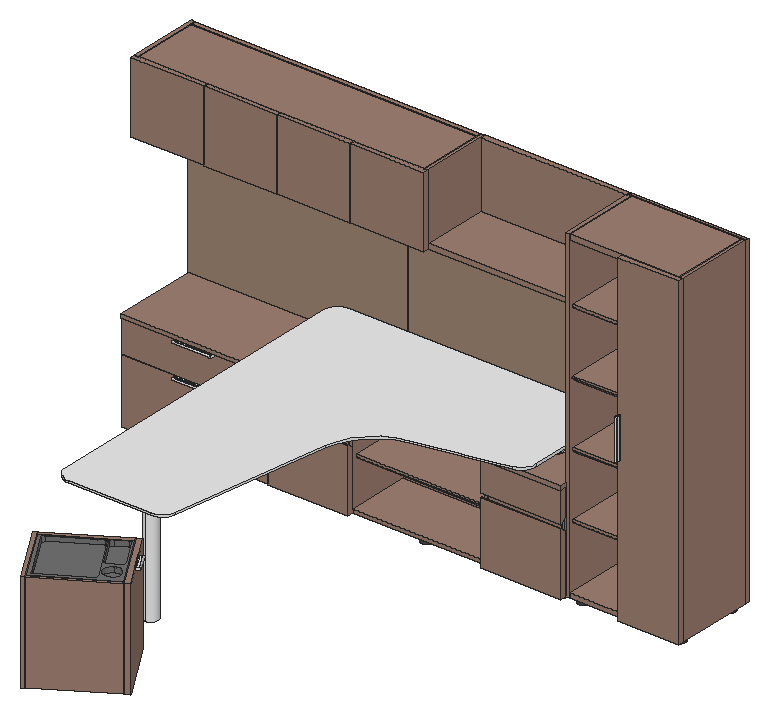
Revit family "OFS TYPICAL S100090", category Furniture, Revit 2022 (continued)
Definition of nested family "APTOS HEIGHT ADJUSTABLE SWEEP TOP DESK 74W 60D - CORIAN TOP - 18D CABINET"
  Definition of nested family "APTOS SWEEP ELEVATED RUNOFF WORKSURFACE LEFT - WOOD TOP"
    Automatic sketch dimensions
      Extrusion 1 sketch curve to Extrusion 1 sketch curve = 9.87259"
      Extrusion 1 sketch curve to Extrusion 1 sketch curve = 31.50832"
      Extrusion 1 sketch curve to Extrusion 1 sketch curve = 1.89707"
      Extrusion 1 sketch curve to Extrusion 1 sketch curve = 16.82328"
      Extrusion 1 sketch curve to Extrusion 1 sketch curve = 5.12049"
      Extrusion 1 sketch curve to Extrusion 1 sketch curve = 9.50919"
      Extrusion 1 sketch curve to Extrusion 1 sketch curve = 17.585"
      Extrusion 1 sketch curve to Extrusion 1 sketch curve = 2.41502"
      Extrusion 3 sketch curve to Extrusion 3 sketch curve = 2.94241"
      Extrusion 3 sketch curve to Extrusion 3 sketch curve = 0.47427"  (x2)
      Sweep 4 sketch curve to profile plane = 1 3/16"
      Sweep 4 sketch curve to profile plane = 0"
      Sweep 4 sketch curve to profile plane = 2"
      Sweep 4 sketch curve to profile plane = 7/16"
      Extrusion 3 sketch curve to Extrusion 3 sketch curve = 3"  (x3)
      Extrusion 3 sketch curve to Extrusion 3 sketch curve = 18.06402"
      Extrusion 3 sketch curve to Extrusion 3 sketch curve = 3.61235"
      Extrusion 3 sketch curve to Extrusion 3 sketch curve = 9.87259"
      Extrusion 3 sketch curve to Extrusion 3 sketch curve = 31.50832"
      Extrusion 3 sketch curve to Extrusion 3 sketch curve = 1.89707"
      Extrusion 3 sketch curve to Extrusion 3 sketch curve = 16.82328"
      Extrusion 3 sketch curve to Extrusion 3 sketch curve = 5.12049"
      Extrusion 3 sketch curve to Extrusion 3 sketch curve = 9.50919"
      Extrusion 3 sketch curve to Extrusion 3 sketch curve = 17.585"
      Extrusion 3 sketch curve to Extrusion 3 sketch curve = 2.41502"
      Extrusion 5 sketch curve to Extrusion 5 sketch curve = 2.94241"
      Extrusion 5 sketch curve to Extrusion 5 sketch curve = 2.97318"
      Sweep 6 sketch curve to profile plane = 1 3/16"
      Sweep 6 sketch curve to profile plane = 0"
      Sweep 6 sketch curve to profile plane = 2"
      Sweep 6 sketch curve to profile plane = 7/16"
      Extrusion 5 sketch curve to Extrusion 5 sketch curve = 3"  (x2)
      Extrusion 5 sketch curve to Extrusion 5 sketch curve = 18.06402"
      Extrusion 5 sketch curve to Extrusion 5 sketch curve = 3.61263"
      Extrusion 5 sketch curve to Extrusion 5 sketch curve = 10.16858"
      Extrusion 5 sketch curve to Extrusion 5 sketch curve = 37.21206"
      Extrusion 5 sketch curve to Extrusion 5 sketch curve = 0.40027"
      Extrusion 5 sketch curve to Extrusion 5 sketch curve = 2.59973"
      Extrusion 5 sketch curve to Extrusion 5 sketch curve = 1.60108"
      Extrusion 5 sketch curve to Extrusion 5 sketch curve = 16 211/256"
      Extrusion 5 sketch curve to Extrusion 5 sketch curve = 5.06363"
      Extrusion 5 sketch curve to Extrusion 5 sketch curve = 9.5528"
      Extrusion 5 sketch curve to Extrusion 5 sketch curve = 17.5864"
      Extrusion 5 sketch curve to Extrusion 5 sketch curve = 2.41502"
      Extrusion 7 sketch curve to Extrusion 7 sketch curve = 2.94241"
      Extrusion 7 sketch curve to Extrusion 7 sketch curve = 2.97318"
      Sweep 8 sketch curve to profile plane = 1 3/16"
      Sweep 8 sketch curve to profile plane = 0"
      Sweep 8 sketch curve to profile plane = 2"
      Sweep 8 sketch curve to profile plane = 7/16"
      Extrusion 7 sketch curve to Extrusion 7 sketch curve = 3"  (x2)
      Extrusion 7 sketch curve to Extrusion 7 sketch curve = 18.06402"
      Extrusion 7 sketch curve to Extrusion 7 sketch curve = 3.61263"
      Extrusion 7 sketch curve to Extrusion 7 sketch curve = 10.16858"
      Extrusion 7 sketch curve to Extrusion 7 sketch curve = 37.21206"
      Extrusion 7 sketch curve to Extrusion 7 sketch curve = 0.40027"
      Extrusion 7 sketch curve to Extrusion 7 sketch curve = 2.59973"
      Extrusion 7 sketch curve to Extrusion 7 sketch curve = 1.60108"
      Extrusion 7 sketch curve to Extrusion 7 sketch curve = 16 211/256"
      Extrusion 7 sketch curve to Extrusion 7 sketch curve = 5.06363"
      Extrusion 7 sketch curve to Extrusion 7 sketch curve = 9.5528"
      Extrusion 7 sketch curve to Extrusion 7 sketch curve = 17.5864"
      Extrusion 7 sketch curve to Extrusion 7 sketch curve = 2.41502"
  Definition of nested family "APTOS SWEEP ELEVATED RUNOFF WORKSURFACE RIGHT - WOOD TOP"
    Parameters
      Width = 78"
      URL = "http://ofsbrands.com"
      Table Material = none
      Depth = 58"
      Model = "34-7858SWTER"
      Manufacturer = "OFS"
      Height = 1 3/16"
      Description = "OFS BRANDS OFS APTOS SWEEP ELEVATED RUNOFF WORKSURFACE 78\" x 58\" RIGHT OPEN END - WOOD TOP, 1.1875\" thick Solid Surface Worksurface"
      Default Elevation = 0"
      Copyright © = "© OFS BRANDS 2017"
      Catalog = "APTOS http://ofsbrands.com/products/casegoods/private-office/aptos"
      Bottom Board Offset = 28 5/16"
      Authoring Version = "Autodesk Revit Architecture 2013"
      Assembly Code = "E2020200"
      34-7858SWTERC = yes
      34-7258SWTERC = no
    Reference planes (in)
      plane 1 "Back End": y = 5
      plane 2: z = 0
      plane 3 "Center Left/Right": x = 0
      plane 4 "Left End": x = -39
      plane 5 "Front End": y = -53
      plane 6 "Right End": x = 39
      plane 7 "Height Top": z = 29.5
      plane 8: z = 28.3125
      plane 9 "Center Front/Back": y = -24
    Forms (in)
      Extrusion 1, solid, material <- "Table Material", visible <- "34-7858SWTERC"
        sketch origin (0, 0, 0) x (1, 0, 0) y (0, 1, 0)
          loop
            arc (11.38094, -15.58628) -> (7.82761, -21.99234) -> (1.21236, -25.13908) r 12
            line (1.21236, -25.13908) -> (-36.39997, -30.20271)
            arc (-36.39997, -30.20271) -> (-38.25811, -31.20115) -> (-38.9997, -33.17589) r 3
            line (-38.9997, -33.17589) -> (-38.9997, -50.00011)
            arc (-38.9997, -50.00011) -> (-38.12102, -52.12143) -> (-35.9997, -53.00011) r 3
            line (-35.9997, -53.00011) -> (36, -53.00011)
            arc (36, -53.00011) -> (38.12132, -52.12143) -> (39, -50.00011) r 3
            line (39, -50.00011) -> (39, 2.00011)
            arc (39, 2.00011) -> (38.12132, 4.12143) -> (36, 5.00011) r 3
            line (36, 5.00011) -> (17.93598, 5.00011)
            arc (17.93598, 5.00011) -> (16.03268, 4.31905) -> (14.99356, 2.58509) r 3
            line (14.99356, 2.58509) -> (11.38094, -15.58628)
        from 28.3125 to 29.5
      Sweep 2, void
        path in 3D
          loop
            arc (17.93598, 5.00011, 29.5) -> (16.03268, 4.31905, 29.5) -> (14.99356, 2.58509, 29.5) r 3
            line (14.99356, 2.58509, 29.5) -> (11.38094, -15.58628, 29.5)
            arc (11.38094, -15.58628, 29.5) -> (7.82761, -21.99234, 29.5) -> (1.21236, -25.13908, 29.5) r 12
            line (1.21236, -25.13908, 29.5) -> (-36.39997, -30.20271, 29.5)
            arc (-36.39997, -30.20271, 29.5) -> (-38.25811, -31.20115, 29.5) -> (-38.9997, -33.17589, 29.5) r 3
            line (-38.9997, -33.17589, 29.5) -> (-38.9997, -50.00011, 29.5)
            arc (-38.9997, -50.00011, 29.5) -> (-38.12102, -52.12143, 29.5) -> (-35.9997, -53.00011, 29.5) r 3
            line (-35.9997, -53.00011, 29.5) -> (36, -53.00011, 29.5)
            arc (36, -53.00011, 29.5) -> (38.12132, -52.12143, 29.5) -> (39, -50.00011, 29.5) r 3
            line (39, -50.00011, 29.5) -> (39, 2.00011, 29.5)
            arc (39, 2.00011, 29.5) -> (38.12132, 4.12143, 29.5) -> (36, 5.00011, 29.5) r 3
            line (36, 5.00011, 29.5) -> (17.93598, 5.00011, 29.5)
        profile origin (26.96799, 5.00011, 29.5) x (0, -1, 0) y (0, 0, 1)
          loop
            line (0, -1.1875) -> (2, -1.1875) -> (0, -0.4375) -> (0, -1.1875)
      Extrusion 3, solid, material <- "Table Material", visible <- "34-7858SWTERC", not visible
        sketch origin (0, 0, 0) x (1, 0, 0) y (0, 1, 0)
          loop
            arc (11.38094, -15.58628) -> (7.82761, -21.99234) -> (1.21236, -25.13908) r 12
            line (1.21236, -25.13908) -> (-36.39997, -30.20271)
            arc (-36.39997, -30.20271) -> (-38.25811, -31.20115) -> (-38.9997, -33.17589) r 3
            line (-38.9997, -33.17589) -> (-38.9997, -50.00011)
            arc (-38.9997, -50.00011) -> (-38.12102, -52.12143) -> (-35.9997, -53.00011) r 3
            line (-35.9997, -53.00011) -> (36, -53.00011)
            arc (36, -53.00011) -> (38.12132, -52.12143) -> (39, -50.00011) r 3
            line (39, -50.00011) -> (39, 2.00011)
            arc (39, 2.00011) -> (38.12132, 4.12143) -> (36, 5.00011) r 3
            line (36, 5.00011) -> (17.93598, 5.00011)
            arc (17.93598, 5.00011) -> (16.03268, 4.31905) -> (14.99356, 2.58509) r 3
            line (14.99356, 2.58509) -> (11.38094, -15.58628)
        from 28.3125 to 29.5
      Sweep 4, void, not visible
        path in 3D
          loop
            arc (17.93598, 5.00011, 29.5) -> (16.03268, 4.31905, 29.5) -> (14.99356, 2.58509, 29.5) r 3
            line (14.99356, 2.58509, 29.5) -> (11.38094, -15.58628, 29.5)
            arc (11.38094, -15.58628, 29.5) -> (7.82761, -21.99234, 29.5) -> (1.21236, -25.13908, 29.5) r 12
            line (1.21236, -25.13908, 29.5) -> (-36.39997, -30.20271, 29.5)
            arc (-36.39997, -30.20271, 29.5) -> (-38.25811, -31.20115, 29.5) -> (-38.9997, -33.17589, 29.5) r 3
            line (-38.9997, -33.17589, 29.5) -> (-38.9997, -50.00011, 29.5)
            arc (-38.9997, -50.00011, 29.5) -> (-38.12102, -52.12143, 29.5) -> (-35.9997, -53.00011, 29.5) r 3
            line (-35.9997, -53.00011, 29.5) -> (36, -53.00011, 29.5)
            arc (36, -53.00011, 29.5) -> (38.12132, -52.12143, 29.5) -> (39, -50.00011, 29.5) r 3
            line (39, -50.00011, 29.5) -> (39, 2.00011, 29.5)
            arc (39, 2.00011, 29.5) -> (38.12132, 4.12143, 29.5) -> (36, 5.00011, 29.5) r 3
            line (36, 5.00011, 29.5) -> (17.93598, 5.00011, 29.5)
        profile origin (26.96799, 5.00011, 29.5) x (0, -1, 0) y (0, 0, 1)
          loop
            line (0, -1.1875) -> (2, -1.1875) -> (0, -0.4375) -> (0, -1.1875)
      Extrusion 5, solid, material <- "Table Material", visible <- "34-7258SWTERC"
        sketch origin (0, 0, 0) x (1, 0, 0) y (0, 1, 0)
          loop
            arc (8.38121, -15.58489) -> (4.93628, -21.88783) -> (-1.49138, -25.09407) r 12
            line (-1.49138, -25.09407) -> (-33.47397, -30.21456)
            arc (-33.47397, -30.21456) -> (-35.28255, -31.2304) -> (-35.9997, -33.17684) r 3
            line (-35.9997, -33.17684) -> (-35.9997, -50.00011)
            arc (-35.9997, -50.00011) -> (-35.12102, -52.12143) -> (-32.9997, -53.00011) r 3
            line (-32.9997, -53.00011) -> (33, -53.00011)
            arc (33, -53.00011) -> (35.12132, -52.12143) -> (36, -50.00011) r 3
            line (36, -50.00011) -> (36, 2.00011)
            arc (36, 2.00011) -> (35.12132, 4.12143) -> (33, 5.00011) r 3
            line (33, 5.00011) -> (14.93598, 5.00011)
            arc (14.93598, 5.00011) -> (13.03268, 4.31905) -> (11.99356, 2.58509) r 3
            line (11.99356, 2.58509) -> (8.38121, -15.58489)
        from 28.3125 to 29.5
      Sweep 6, void
        path in 3D
          loop
            arc (36, 2.00011, 29.5) -> (35.12132, 4.12143, 29.5) -> (33, 5.00011, 29.5) r 3
            line (33, 5.00011, 29.5) -> (14.93598, 5.00011, 29.5)
            arc (14.93598, 5.00011, 29.5) -> (13.03268, 4.31905, 29.5) -> (11.99356, 2.58509, 29.5) r 3
            line (11.99356, 2.58509, 29.5) -> (8.38121, -15.58489, 29.5)
            arc (8.38121, -15.58489, 29.5) -> (4.93628, -21.88783, 29.5) -> (-1.49138, -25.09407, 29.5) r 12
            line (-1.49138, -25.09407, 29.5) -> (-33.47397, -30.21456, 29.5)
            arc (-33.47397, -30.21456, 29.5) -> (-35.28255, -31.2304, 29.5) -> (-35.9997, -33.17684, 29.5) r 3
            line (-35.9997, -33.17684, 29.5) -> (-35.9997, -50.00011, 29.5)
            arc (-35.9997, -50.00011, 29.5) -> (-35.12102, -52.12143, 29.5) -> (-32.9997, -53.00011, 29.5) r 3
            line (-32.9997, -53.00011, 29.5) -> (33, -53.00011, 29.5)
            arc (33, -53.00011, 29.5) -> (35.12132, -52.12143, 29.5) -> (36, -50.00011, 29.5) r 3
            line (36, -50.00011, 29.5) -> (36, 2.00011, 29.5)
        profile origin (36, -24, 29.5) x (-1, 0, 0) y (0, 0, 1)
          loop
            line (0, -1.1875) -> (2, -1.1875) -> (0, -0.4375) -> (0, -1.1875)
      Extrusion 7, solid, material <- "Table Material", visible <- "34-7258SWTERC", not visible
        sketch origin (0, 0, 0) x (1, 0, 0) y (0, 1, 0)
          loop
            arc (8.38121, -15.58489) -> (4.93628, -21.88783) -> (-1.49138, -25.09407) r 12
            line (-1.49138, -25.09407) -> (-33.47397, -30.21456)
            arc (-33.47397, -30.21456) -> (-35.28255, -31.2304) -> (-35.9997, -33.17684) r 3
            line (-35.9997, -33.17684) -> (-35.9997, -50.00011)
            arc (-35.9997, -50.00011) -> (-35.12102, -52.12143) -> (-32.9997, -53.00011) r 3
            line (-32.9997, -53.00011) -> (33, -53.00011)
            arc (33, -53.00011) -> (35.12132, -52.12143) -> (36, -50.00011) r 3
            line (36, -50.00011) -> (36, 2.00011)
            arc (36, 2.00011) -> (35.12132, 4.12143) -> (33, 5.00011) r 3
            line (33, 5.00011) -> (14.93598, 5.00011)
            arc (14.93598, 5.00011) -> (13.03268, 4.31905) -> (11.99356, 2.58509) r 3
            line (11.99356, 2.58509) -> (8.38121, -15.58489)
        from 28.3125 to 29.5
      Sweep 8, void, not visible
        path in 3D
          loop
            arc (36, 2.00011, 29.5) -> (35.12132, 4.12143, 29.5) -> (33, 5.00011, 29.5) r 3
            line (33, 5.00011, 29.5) -> (14.93598, 5.00011, 29.5)
            arc (14.93598, 5.00011, 29.5) -> (13.03268, 4.31905, 29.5) -> (11.99356, 2.58509, 29.5) r 3
            line (11.99356, 2.58509, 29.5) -> (8.38121, -15.58489, 29.5)
            arc (8.38121, -15.58489, 29.5) -> (4.93628, -21.88783, 29.5) -> (-1.49138, -25.09407, 29.5) r 12
            line (-1.49138, -25.09407, 29.5) -> (-33.47397, -30.21456, 29.5)
            arc (-33.47397, -30.21456, 29.5) -> (-35.28255, -31.2304, 29.5) -> (-35.9997, -33.17684, 29.5) r 3
            line (-35.9997, -33.17684, 29.5) -> (-35.9997, -50.00011, 29.5)
            arc (-35.9997, -50.00011, 29.5) -> (-35.12102, -52.12143, 29.5) -> (-32.9997, -53.00011, 29.5) r 3
            line (-32.9997, -53.00011, 29.5) -> (33, -53.00011, 29.5)
            arc (33, -53.00011, 29.5) -> (35.12132, -52.12143, 29.5) -> (36, -50.00011, 29.5) r 3
            line (36, -50.00011, 29.5) -> (36, 2.00011, 29.5)
        profile origin (36, -24, 29.5) x (-1, 0, 0) y (0, 0, 1)
          loop
            line (0, -1.1875) -> (2, -1.1875) -> (0, -0.4375) -> (0, -1.1875)
    Cuts and joins
      Sweep 2 cuts Extrusion 1
      Sweep 6 cuts Extrusion 5
    Lines and regions (in)
      sketch lines
        curve 1: line (36, 5.00011, 29.5) -> (17.93598, 5.00011, 29.5)
        curve 2: arc (14.99356, 2.58509, 29.5) -> (16.03268, 4.31905, 29.5) -> (17.93598, 5.00011, 29.5) r 3
        curve 3: line (14.99356, 2.58509, 29.5) -> (11.38094, -15.58628, 29.5)
        curve 4: arc (1.21236, -25.13908, 29.5) -> (7.82761, -21.99234, 29.5) -> (11.38094, -15.58628, 29.5) r 12
        curve 5: line (1.21236, -25.13908, 29.5) -> (-36.39997, -30.20271, 29.5)
        curve 6: arc (-38.9997, -33.17589, 29.5) -> (-38.25811, -31.20115, 29.5) -> (-36.39997, -30.20271, 29.5) r 3
        curve 7: line (-38.9997, -33.17589, 29.5) -> (-38.9997, -50.00011, 29.5)
        curve 8: arc (-35.9997, -53.00011, 29.5) -> (-38.12102, -52.12143, 29.5) -> (-38.9997, -50.00011, 29.5) r 3
        curve 9: line (-35.9997, -53.00011, 29.5) -> (36, -53.00011, 29.5)
        curve 10: arc (39, -50.00011, 29.5) -> (38.12132, -52.12143, 29.5) -> (36, -53.00011, 29.5) r 3
        curve 11: line (39, -50.00011, 29.5) -> (39, 2.00011, 29.5)
        curve 12: arc (36, 5.00011, 29.5) -> (38.12132, 4.12143, 29.5) -> (39, 2.00011, 29.5) r 3
        curve 25: line (36, -50.00011, 29.5) -> (36, 2.00011, 29.5)
        curve 26: arc (33, 5.00011, 29.5) -> (35.12132, 4.12143, 29.5) -> (36, 2.00011, 29.5) r 3
        curve 27: line (33, 5.00011, 29.5) -> (14.93598, 5.00011, 29.5)
        curve 28: arc (11.99356, 2.58509, 29.5) -> (13.03268, 4.31905, 29.5) -> (14.93598, 5.00011, 29.5) r 3
        curve 29: line (11.99356, 2.58509, 29.5) -> (8.38121, -15.58489, 29.5)
        curve 30: arc (-1.49138, -25.09407, 29.5) -> (4.93628, -21.88783, 29.5) -> (8.38121, -15.58489, 29.5) r 12
        curve 31: line (-1.49138, -25.09407, 29.5) -> (-33.47397, -30.21456, 29.5)
        curve 32: arc (-35.9997, -33.17684, 29.5) -> (-35.28255, -31.2304, 29.5) -> (-33.47397, -30.21456, 29.5) r 3
        curve 33: line (-35.9997, -33.17684, 29.5) -> (-35.9997, -50.00011, 29.5)
        curve 34: arc (-32.9997, -53.00011, 29.5) -> (-35.12102, -52.12143, 29.5) -> (-35.9997, -50.00011, 29.5) r 3
        curve 35: line (-32.9997, -53.00011, 29.5) -> (33, -53.00011, 29.5)
        curve 36: arc (36, -50.00011, 29.5) -> (35.12132, -52.12143, 29.5) -> (33, -53.00011, 29.5) r 3
      sketch lines, not visible
        curve 13: line (36, 5.00011, 29.5) -> (17.93598, 5.00011, 29.5)
        curve 14: arc (14.99356, 2.58509, 29.5) -> (16.03268, 4.31905, 29.5) -> (17.93598, 5.00011, 29.5) r 3
        curve 15: line (14.99356, 2.58509, 29.5) -> (11.38094, -15.58628, 29.5)
        curve 16: arc (1.21236, -25.13908, 29.5) -> (7.82761, -21.99234, 29.5) -> (11.38094, -15.58628, 29.5) r 12
        curve 17: line (1.21236, -25.13908, 29.5) -> (-36.39997, -30.20271, 29.5)
        curve 18: arc (-38.9997, -33.17589, 29.5) -> (-38.25811, -31.20115, 29.5) -> (-36.39997, -30.20271, 29.5) r 3
        curve 19: line (-38.9997, -33.17589, 29.5) -> (-38.9997, -50.00011, 29.5)
        curve 20: arc (-35.9997, -53.00011, 29.5) -> (-38.12102, -52.12143, 29.5) -> (-38.9997, -50.00011, 29.5) r 3
        curve 21: line (-35.9997, -53.00011, 29.5) -> (36, -53.00011, 29.5)
        curve 22: arc (39, -50.00011, 29.5) -> (38.12132, -52.12143, 29.5) -> (36, -53.00011, 29.5) r 3
        curve 23: line (39, -50.00011, 29.5) -> (39, 2.00011, 29.5)
        curve 24: arc (36, 5.00011, 29.5) -> (38.12132, 4.12143, 29.5) -> (39, 2.00011, 29.5) r 3
        curve 37: line (36, -50.00011, 29.5) -> (36, 2.00011, 29.5)
        curve 38: arc (33, 5.00011, 29.5) -> (35.12132, 4.12143, 29.5) -> (36, 2.00011, 29.5) r 3
        curve 39: line (33, 5.00011, 29.5) -> (14.93598, 5.00011, 29.5)
        curve 40: arc (11.99356, 2.58509, 29.5) -> (13.03268, 4.31905, 29.5) -> (14.93598, 5.00011, 29.5) r 3
        curve 41: line (11.99356, 2.58509, 29.5) -> (8.38121, -15.58489, 29.5)
        curve 42: arc (-1.49138, -25.09407, 29.5) -> (4.93628, -21.88783, 29.5) -> (8.38121, -15.58489, 29.5) r 12
        curve 43: line (-1.49138, -25.09407, 29.5) -> (-33.47397, -30.21456, 29.5)
        curve 44: arc (-35.9997, -33.17684, 29.5) -> (-35.28255, -31.2304, 29.5) -> (-33.47397, -30.21456, 29.5) r 3
        curve 45: line (-35.9997, -33.17684, 29.5) -> (-35.9997, -50.00011, 29.5)
        curve 46: arc (-32.9997, -53.00011, 29.5) -> (-35.12102, -52.12143, 29.5) -> (-35.9997, -50.00011, 29.5) r 3
        curve 47: line (-32.9997, -53.00011, 29.5) -> (33, -53.00011, 29.5)
        curve 48: arc (36, -50.00011, 29.5) -> (35.12132, -52.12143, 29.5) -> (33, -53.00011, 29.5) r 3
    Dimensions and locks (in)
      "Height": plane 7 "Height Top" to plane 8
      "Bottom Board Offset": plane 8 to level
      "Depth": plane 5 "Front End" to plane 1 "Back End"
      equal spacing: plane 4 "Left End", plane 3 "Center Left/Right", plane 6 "Right End"
      "Width": plane 4 "Left End" to plane 6 "Right End"
      equal spacing: plane 5 "Front End", plane 9 "Center Front/Back", plane 1 "Back End"
      aligned and locked: level to plane 2
      aligned and locked: plane 7 "Height Top" to Extrusion 1
      aligned and locked: Extrusion 1 to plane 8
      aligned and locked: plane 7 "Height Top" to Extrusion 5
      aligned and locked: Extrusion 5 to plane 8
    Automatic sketch dimensions
      Extrusion 1 sketch curve to Extrusion 1 sketch curve = 2.94241"
      Extrusion 1 sketch curve to Extrusion 1 sketch curve = 3"  (x3)
      Sweep 2 sketch curve to profile plane = 1 3/16"
      Sweep 2 sketch curve to profile plane = 0"
      Sweep 2 sketch curve to profile plane = 2"
      Sweep 2 sketch curve to profile plane = 7/16"
      Extrusion 1 sketch curve to Extrusion 1 sketch curve = 0.40027"
      Extrusion 1 sketch curve to Extrusion 1 sketch curve = 37.61233"
      Extrusion 1 sketch curve to Extrusion 1 sketch curve = 10.16858"
      Extrusion 1 sketch curve to Extrusion 1 sketch curve = 3.61263"
      Extrusion 1 sketch curve to Extrusion 1 sketch curve = 34.78764"
      Extrusion 1 sketch curve to Extrusion 1 sketch curve = 18.06402"
      Extrusion 1 sketch curve to Extrusion 1 sketch curve = 1.60108"
      Extrusion 1 sketch curve to Extrusion 1 sketch curve = 16 211/256"
      Extrusion 1 sketch curve to Extrusion 1 sketch curve = 5.06363"
      Extrusion 1 sketch curve to Extrusion 1 sketch curve = 9.5528"
      Extrusion 1 sketch curve to Extrusion 1 sketch curve = 17.5864"
      Extrusion 1 sketch curve to Extrusion 1 sketch curve = 2.41502"
      Extrusion 3 sketch curve to Extrusion 3 sketch curve = 2.94241"
      Extrusion 3 sketch curve to Extrusion 3 sketch curve = 3"  (x3)
      Sweep 4 sketch curve to profile plane = 1 3/16"
      Sweep 4 sketch curve to profile plane = 0"
      Sweep 4 sketch curve to profile plane = 2"
      Sweep 4 sketch curve to profile plane = 7/16"
      Extrusion 3 sketch curve to Extrusion 3 sketch curve = 0.40027"
      Extrusion 3 sketch curve to Extrusion 3 sketch curve = 37.61233"
      Extrusion 3 sketch curve to Extrusion 3 sketch curve = 10.16858"
      Extrusion 3 sketch curve to Extrusion 3 sketch curve = 3.61263"
      Extrusion 3 sketch curve to Extrusion 3 sketch curve = 34.78764"
      Extrusion 3 sketch curve to Extrusion 3 sketch curve = 18.06402"
      Extrusion 3 sketch curve to Extrusion 3 sketch curve = 1.60108"
      Extrusion 3 sketch curve to Extrusion 3 sketch curve = 16 211/256"
      Extrusion 3 sketch curve to Extrusion 3 sketch curve = 5.06363"
      Extrusion 3 sketch curve to Extrusion 3 sketch curve = 9.5528"
      Extrusion 3 sketch curve to Extrusion 3 sketch curve = 17.5864"
      Extrusion 3 sketch curve to Extrusion 3 sketch curve = 2.41502"
      Extrusion 5 sketch curve to Extrusion 5 sketch curve = 2.94241"
      Extrusion 5 sketch curve to Extrusion 5 sketch curve = 0.47427"
      Sweep 6 sketch curve to profile plane = 1 3/16"
      Sweep 6 sketch curve to profile plane = 0"
      Sweep 6 sketch curve to profile plane = 2"
      Sweep 6 sketch curve to profile plane = 7/16"
      Extrusion 5 sketch curve to Extrusion 5 sketch curve = 2.52573"
      Extrusion 5 sketch curve to Extrusion 5 sketch curve = 3"  (x2)
      Extrusion 5 sketch curve to Extrusion 5 sketch curve = 31.98259"
      Extrusion 5 sketch curve to Extrusion 5 sketch curve = 9.87259"
      Extrusion 5 sketch curve to Extrusion 5 sketch curve = 3.61235"
      Extrusion 5 sketch curve to Extrusion 5 sketch curve = 34.49137"
      Extrusion 5 sketch curve to Extrusion 5 sketch curve = 18.06402"
      Extrusion 5 sketch curve to Extrusion 5 sketch curve = 1.89707"
      Extrusion 5 sketch curve to Extrusion 5 sketch curve = 16.82328"
      Extrusion 5 sketch curve to Extrusion 5 sketch curve = 5.12049"
      Extrusion 5 sketch curve to Extrusion 5 sketch curve = 9.50919"
      Extrusion 5 sketch curve to Extrusion 5 sketch curve = 17.585"
      Extrusion 5 sketch curve to Extrusion 5 sketch curve = 2.41502"
      Extrusion 7 sketch curve to Extrusion 7 sketch curve = 2.94241"
      Extrusion 7 sketch curve to Extrusion 7 sketch curve = 0.47427"
      Sweep 8 sketch curve to profile plane = 1 3/16"
      Sweep 8 sketch curve to profile plane = 0"
      Sweep 8 sketch curve to profile plane = 2"
      Sweep 8 sketch curve to profile plane = 7/16"
      Extrusion 7 sketch curve to Extrusion 7 sketch curve = 2.52573"
      Extrusion 7 sketch curve to Extrusion 7 sketch curve = 3"  (x2)
      Extrusion 7 sketch curve to Extrusion 7 sketch curve = 31.98259"
      Extrusion 7 sketch curve to Extrusion 7 sketch curve = 9.87259"
      Extrusion 7 sketch curve to Extrusion 7 sketch curve = 3.61235"
      Extrusion 7 sketch curve to Extrusion 7 sketch curve = 34.49137"
      Extrusion 7 sketch curve to Extrusion 7 sketch curve = 18.06402"
      Extrusion 7 sketch curve to Extrusion 7 sketch curve = 1.89707"
      Extrusion 7 sketch curve to Extrusion 7 sketch curve = 16.82328"
      Extrusion 7 sketch curve to Extrusion 7 sketch curve = 5.12049"
      Extrusion 7 sketch curve to Extrusion 7 sketch curve = 9.50919"
      Extrusion 7 sketch curve to Extrusion 7 sketch curve = 17.585"
      Extrusion 7 sketch curve to Extrusion 7 sketch curve = 2.41502"
Definition of nested family "APTOS 18D LOW HEIGHT MODULAR CABINET TOP"
  Parameters (values of type "APTOS 18D LOW HEIGHT MODULAR CABINET TOP 30" Width")
    Width = 30"
    URL = "http://ofsbrands.com"
    Table Material = none
    Depth = 18"
    Model = "34-L3018MCT"
    Manufacturer = "OFS"
    Height = 3/4"
    Description = "OFS BRANDS OFS APTOS 18D LOW HEIGHT MODULAR CABINET TOP 30\" Width, 0.75\" thick with Square Profile on User Side"
    Default Elevation = 0"
    Copyright © = "© OFS BRANDS 2017"
    Catalog = "APTOS http://ofsbrands.com/products/casegoods/private-office/aptos"
    Bottom Board Offset = 21 1/2"
    Authoring Version = "Autodesk Revit Architecture 2013"
    Assembly Code = "E2020200"
  Types (13): name | Width | Model | Description
    (no name) | 30" | "34-L3018MCT" | "OFS BRANDS OFS APTOS 18D LOW HEIGHT MODULAR CABINET TOP 30\" Width, 0.75\" thick with Square Profile on User Side"
    APTOS 18D LOW HEIGHT MODULAR CABINET TOP 30" Width | 30" | "34-L3018MCT" | "OFS BRANDS OFS APTOS 18D LOW HEIGHT MODULAR CABINET TOP 30\" Width, 0.75\" thick with Square Profile on User Side"
    APTOS 18D LOW HEIGHT MODULAR CABINET TOP 36" Width | 36" | "34-L3618MCT" | "OFS BRANDS OFS APTOS 18D LOW HEIGHT MODULAR CABINET TOP 36\" Width, 0.75\" thick with Square Profile on User Side"
    APTOS 18D LOW HEIGHT MODULAR CABINET TOP 42" Width | 42" | "34-L4218MCT" | "OFS BRANDS OFS APTOS 18D LOW HEIGHT MODULAR CABINET TOP 42\" Width, 0.75\" thick with Square Profile on User Side"
    APTOS 18D LOW HEIGHT MODULAR CABINET TOP 48" Width | 48" | "34-L4818MCT" | "OFS BRANDS OFS APTOS 18D LOW HEIGHT MODULAR CABINET TOP 48\" Width, 0.75\" thick with Square Profile on User Side"
    APTOS 18D LOW HEIGHT MODULAR CABINET TOP 54" Width | 54" | "34-L5418MCT" | "OFS BRANDS OFS APTOS 18D LOW HEIGHT MODULAR CABINET TOP 54\" Width, 0.75\" thick with Square Profile on User Side"
    APTOS 18D LOW HEIGHT MODULAR CABINET TOP 60" Width | 60" | "34-L6018MCT" | "OFS BRANDS OFS APTOS 18D LOW HEIGHT MODULAR CABINET TOP 60\" Width, 0.75\" thick with Square Profile on User Side"
    APTOS 18D LOW HEIGHT MODULAR CABINET TOP 66" Width | 66" | "34-L6618MCT" | "OFS BRANDS OFS APTOS 18D LOW HEIGHT MODULAR CABINET TOP 66\" Width, 0.75\" thick with Square Profile on User Side"
    APTOS 18D LOW HEIGHT MODULAR CABINET TOP 72" Width | 72" | "34-L7218MCT" | "OFS BRANDS OFS APTOS 18D LOW HEIGHT MODULAR CABINET TOP 72\" Width, 0.75\" thick with Square Profile on User Side"
    APTOS 18D LOW HEIGHT MODULAR CABINET TOP 78" Width | 78" | "34-L7818MCT" | "OFS BRANDS OFS APTOS 18D LOW HEIGHT MODULAR CABINET TOP 78\" Width, 0.75\" thick with Square Profile on User Side"
    APTOS 18D LOW HEIGHT MODULAR CABINET TOP 84" Width | 84" | "34-L8418MCT" | "OFS BRANDS OFS APTOS 18D LOW HEIGHT MODULAR CABINET TOP 84\" Width, 0.75\" thick with Square Profile on User Side"
    APTOS 18D LOW HEIGHT MODULAR CABINET TOP 90" Width | 90" | "34-L9018MCT" | "OFS BRANDS OFS APTOS 18D LOW HEIGHT MODULAR CABINET TOP 90\" Width, 0.75\" thick with Square Profile on User Side"
    APTOS 18D LOW HEIGHT MODULAR CABINET TOP 96" Width | 96" | "34-L9618MCT" | "OFS BRANDS OFS APTOS 18D LOW HEIGHT MODULAR CABINET TOP 96\" Width, 0.75\" thick with Square Profile on User Side"
  Reference planes (in)
    plane 1 "Back End": y = -15
    plane 2: z = 0
    plane 3 "Center Left/Right": x = 0
    plane 4 "Left End": x = -15
    plane 5 "Front End": y = -33
    plane 6 "Right End": x = 15
    plane 7 "Height Top": z = 22.25
    plane 8: z = 21.5
    plane 9 "Center Front/Back": y = -24
  Forms (in)
    Extrusion 1, solid, material <- "Table Material"
      sketch origin (0, 0, 0) x (1, 0, 0) y (0, 1, 0)
        loop
          line (-15, -15) -> (-15, -33) -> (15, -33) -> (15, -15) -> (-15, -15)
      from 21.5 to 22.25
  Dimensions and locks (in)
    "Height": plane 7 "Height Top" to plane 8
    "Bottom Board Offset": plane 8 to level
    "Depth": plane 5 "Front End" to plane 1 "Back End"
    equal spacing: plane 4 "Left End", plane 3 "Center Left/Right", plane 6 "Right End"
    "Width": plane 4 "Left End" to plane 6 "Right End"
    equal spacing: plane 5 "Front End", plane 9 "Center Front/Back", plane 1 "Back End"
    aligned and locked: level to plane 2
    aligned and locked: plane 1 "Back End" to Extrusion 1 sketch curve
    aligned and locked: Extrusion 1 sketch curve to plane 4 "Left End"
    aligned and locked: plane 5 "Front End" to Extrusion 1 sketch curve
    aligned and locked: plane 6 "Right End" to Extrusion 1 sketch curve
    aligned and locked: plane 7 "Height Top" to Extrusion 1
    aligned and locked: Extrusion 1 to plane 8
Definition of nested family "OFS APTOS Tackboard Two-Piece Tackboard Between Low Height Wallmounts"
  Parameters (values of type "Tackboard Two-Piece Tackboard Between Low Height Wallmounts 102")
    Width = 102"
    URL = "https://ofs.com/"
    Depth = 1"
    Tackboard Material = none
    Model = "FTW2016"
    Manufacturer = "OFS"
    Height = 31 1/4"
    Description = "OFS APTOS Tackboard Two-Piece Tackboard Between Low Height Wallmounts 102"
    Default Elevation = 0"
    Copyright © = "© OFS 2022"
    Catalog = "https://ofs.com/products/tables/conference/aptos?search=Aptos"
    Bottom Board Offset = 22 1/2"
    Authoring Version = "Autodesk Revit Architecture 2015"
    Assembly Code = "E2020200"
  Types (3): name | Width | Model | Description
    (no name) | 102" | "FTW2016" | "OFS APTOS Tackboard Two-Piece Tackboard Between Low Height Wallmounts 102"
    Tackboard Two-Piece Tackboard Between Low Height Wallmounts 102 | 102" | "FTW2016" | "OFS APTOS Tackboard Two-Piece Tackboard Between Low Height Wallmounts 102"
    Tackboard Two-Piece Tackboard Between Low Height Wallmounts 108 | 108" | "FTW2015" | "OFS APTOS Tackboard Two-Piece Tackboard Between Low Height Wallmounts 108"
  Reference planes (in)
    plane 1 "Center Front/Back": y = 0
    plane 2: z = 0
    plane 3 "Center Left/Right": x = 0
    plane 4 "Left End": x = -51
    plane 5 "Front End": y = -1
    plane 6 "Right End": x = 51
    plane 7 "Height Top": z = 53.75
    plane 8: z = 22.5
  Forms (in)
    Extrusion 1, solid, material <- "Tackboard Material"
      sketch origin (0, 0, 0) x (1, 0, 0) y (0, 0, 1)
        loop
          line (-51, 53.75) -> (-51, 22.5) -> (0, 22.5) -> (0, 53.75) -> (-51, 53.75)
      from 0 to 1
    Extrusion 2, solid, material <- "Tackboard Material"
      sketch origin (0, 0, 0) x (-1, 0, 0) y (0, 0, -1)
        loop
          line (-51, -53.75) -> (0, -53.75) -> (0, -22.5) -> (-51, -22.5) -> (-51, -53.75)
      from 0 to 1
  Dimensions and locks (in)
    "Height": plane 7 "Height Top" to plane 8
    "Bottom Board Offset": plane 8 to level
    "Depth": plane 5 "Front End" to plane 1 "Center Front/Back"
    equal spacing: plane 4 "Left End", plane 3 "Center Left/Right", plane 6 "Right End"
    "Width": plane 4 "Left End" to plane 6 "Right End"
    aligned and locked: level to plane 2
    aligned and locked: Extrusion 1 sketch curve to plane 7 "Height Top"
    aligned and locked: plane 4 "Left End" to Extrusion 1 sketch curve
    aligned and locked: plane 8 to Extrusion 1 sketch curve
    aligned and locked: plane 3 "Center Left/Right" to Extrusion 1
    aligned and locked: Extrusion 1 to plane 5 "Front End"
    aligned and locked: Extrusion 1 to plane 1 "Center Front/Back"
    aligned and locked: plane 7 "Height Top" to Extrusion 1
    aligned and locked: Extrusion 1 to plane 8
    aligned and locked: Extrusion 2 to plane 3 "Center Left/Right"
    aligned and locked: Extrusion 2 to plane 7 "Height Top"
    aligned and locked: Extrusion 2 to plane 6 "Right End"
    aligned and locked: Extrusion 2 to plane 8
    aligned and locked: Extrusion 2 to plane 5 "Front End"
    aligned and locked: Extrusion 2 to plane 1 "Center Front/Back"
  Automatic sketch dimensions
    Extrusion 1 sketch curve to plane 3 "Center Left/Right" = 0"
    plane 6 "Right End" to Extrusion 2 sketch curve = 0"
    Extrusion 2 sketch curve to plane 3 "Center Left/Right" = 0"
    Extrusion 2 sketch curve to plane 8 = 0"
    Extrusion 2 sketch curve to plane 7 "Height Top" = 0"
Definition of nested family "APTOS MOBILE PEDESTAL"
  Parameters
    Width = 15"
    URL = "http://ofsbrands.com"
    Tray Top = no
    Tray Material = none
    Handle Lengh = 4 1/8"
    Flat Top = yes
    Door Handle Material = none
    Default Elevation = 0"
    Board Thick Top = 2"
    Board Thick Door = 1 1/8"
    Depth = 17 3/4"
    Board Skirt = 5/8"
    Board Material = none
    Model = "34-1518MP"
    Manufacturer = "OFS"
    Leg Caps Material = none
    Leg Offset = 2"
    Height = 20 7/8"
    Description = "OFS BRANDS OFS APTOS MOBILE PEDESTAL Trailing Box Drawer with Grey Finished Top"
    Copyright © = "© OFS BRANDS 2017"
    Catalog = "APTOS http://ofsbrands.com/products/casegoods/private-office/aptos"
    Bottom Board Offset = 2"
    Board Thick Top and Bot = 1"
    Board Thick Shelfs = 1"
    Board Thick Sides = 3/4"
    Board Thick Front = 3/4"
    Board Thick Back = 3/4"
    Authoring Version = "Autodesk Revit Architecture 2013"
    Assembly Code = "E2020200"
  Reference planes (in)
    plane 1 "Center Front/Back": y = 0
    plane 2: z = 0
    plane 3 "Center Left/Right": x = 0
    plane 4 "Left End": x = -7.5
    plane 5 "Front End": y = -16.625
    plane 6 "Right End": x = 7.5
    plane 7 "Back End": y = 0
    plane 8 "Height Top": z = 20.875
    plane 9: x = -6.75
    plane 10: x = 6.75
    plane 11: z = 18.875
    plane 12: z = 2
    plane 13: z = 3
    plane 14: y = -15.875
    plane 15: y = -2
    plane 16: y = -2
    plane 17: y = -14.625
    plane 18: y = -14.625
    plane 19: x = -5.5
    plane 20: x = 5.5
    plane 21: x = 5.5
    plane 22: x = -5.5
    plane 23: y = -17.75
    plane 24: x = 0
    plane 25: x = 2.0625
    plane 26: x = -2.0625
    plane 27: y = -0.75
    plane 28: z = 0.625
  Forms (in)
    Extrusion 1, solid, material <- "Board Material"
      sketch origin (0, 0, 0) x (1, 0, 0) y (0, 1, 0)
        loop
          line (-7.5, -0.75) -> (-7.5, -16.625) -> (-6.75, -16.625) -> (-6.75, -0.75) -> (-7.5, -0.75)
      from 0.625 to 20.875
    Extrusion 2, solid, material <- "Board Material"
      sketch origin (0, 0, 0) x (-1, 0, 0) y (0, -1, 0)
        loop
          line (-7.5, 0.75) -> (-6.75, 0.75) -> (-6.75, 16.625) -> (-7.5, 16.625) -> (-7.5, 0.75)
      from 0.625 to 20.875
    Extrusion 3, solid, material <- "Board Material"
      sketch origin (0, 0, 0) x (1, 0, 0) y (0, 1, 0)
        loop
          line (-6.75, -0.75) -> (-6.75, -16.625) -> (6.75, -16.625) -> (6.75, -0.75) -> (-6.75, -0.75)
      from 2 to 3
    Extrusion 4, solid, material <- "Board Material"
      sketch origin (0, 0, 0) x (1, 0, 0) y (0, 1, 0)
        loop
          line (-7.5, -16.625) -> (-7.5, -17.75) -> (7.5, -17.75) -> (7.5, -16.625) -> (-7.5, -16.625)
      from 0.625 to 20.875
    Extrusion 5, solid, material <- "Board Material"
      sketch origin (0, 27.875, 0) x (1, 0, 0) y (0, 1, 0)
        loop
          line (-7.5, -27.875) -> (-7.5, -28.625) -> (7.5, -28.625) -> (7.5, -27.875) -> (-7.5, -27.875)
      from 0.625 to 20.875
    Extrusion 6, solid, material <- "Door Handle Material"
      sketch origin (0, 7.01942, 4.85983) x (0, 1, 0) y (0, 0, 1)
        loop
          arc (-25.57363, 16.0122) -> (-25.76006, 15.82576) -> (-25.57363, 15.63933) r 0.18644
          arc (-25.57363, 15.63933) -> (-25.49353, 15.64413) -> (-25.41458, 15.65848) r 0.66994
          arc (-25.41458, 15.65848) -> (-25.19151, 15.67239) -> (-24.96829, 15.6613) r 1.99708
          arc (-24.96829, 15.6613) -> (-24.86926, 15.64715) -> (-24.76942, 15.64109) r 1.23166
          line (-24.76942, 15.64109) -> (-24.76942, 16.01517)
          arc (-24.76942, 16.01517) -> (-24.86932, 15.99835) -> (-24.96829, 15.97674) r 2.09994
          arc (-24.96829, 15.97674) -> (-25.19197, 15.94816) -> (-25.41458, 15.98414) r 0.78757
          arc (-25.41458, 15.98414) -> (-25.49279, 16.00563) -> (-25.57363, 16.0122) r 0.43385
      from 2.0625 to -2.0625
    Extrusion 7, solid, material <- "Tray Material", visible <- "Tray Top"
      sketch origin (0, 0, 0) x (1, 0, 0) y (0, 1, 0)
        loop
          line (-6.75, -0.75) -> (-6.75, -16.625) -> (6.75, -16.625) -> (6.75, -0.75) -> (-6.75, -0.75)
      from 18.875 to 20.875
    Extrusion 8, solid, material <- "Board Material", visible <- "Flat Top"
      sketch origin (0, 0, 0) x (1, 0, 0) y (0, 1, 0)
        loop
          line (-6.75, -0.75) -> (-6.75, -16.625) -> (6.75, -16.625) -> (6.75, -0.75) -> (-6.75, -0.75)
      from 18.875 to 20.875
    Extrusion 9, void
      sketch origin (0, 0, 0) x (1, 0, 0) y (0, 1, 0)
        loop
          arc (-5.6875, -1.53539) -> (-6.12944, -1.71845) -> (-6.3125, -2.16039) r 0.625
          line (-6.3125, -2.16039) -> (-6.3125, -11.75568)
          arc (-6.3125, -11.75568) -> (-6.12944, -12.19762) -> (-5.6875, -12.38068) r 0.625
          line (-5.6875, -12.38068) -> (5.6875, -12.38068)
          arc (5.6875, -12.38068) -> (6.12944, -12.19762) -> (6.3125, -11.75568) r 0.625
          line (6.3125, -11.75568) -> (6.3125, -2.16039)
          arc (6.3125, -2.16039) -> (6.12944, -1.71845) -> (5.6875, -1.53539) r 0.625
          line (5.6875, -1.53539) -> (-5.6875, -1.53539)
        loop
          line (1.375, -15.62759) -> (1.375, -13.19009)
          arc (1.375, -13.19009) -> (1.19194, -12.74815) -> (0.75, -12.56509) r 0.625
          line (0.75, -12.56509) -> (-5.75, -12.56509)
          arc (-5.75, -12.56509) -> (-6.19194, -12.74815) -> (-6.375, -13.19009) r 0.625
          line (-6.375, -13.19009) -> (-6.375, -15.62759)
          arc (-6.375, -15.62759) -> (-6.19194, -16.06953) -> (-5.75, -16.25259) r 0.625
          line (-5.75, -16.25259) -> (0.75, -16.25259)
          arc (0.75, -16.25259) -> (1.19194, -16.06953) -> (1.375, -15.62759) r 0.625
        loop
          circle (4, -14.37759) r 1.75
      from 19.88786 to 20.875
    Extrusion 10, solid, material <- "Leg Caps Material"
      sketch origin (0, 0, 0) x (0, 1, 0) y (0, 0, 1)
        loop
          circle (-2.39532, 0.78125) r 0.78125
        loop
          line (-3.28196, 0.59375) -> (-3.18589, 0.59375)
          arc (-3.18589, 0.59375) -> (-2.39532, 1.59375) -> (-1.60475, 0.59375) r 0.8125
          line (-1.60475, 0.59375) -> (-1.50868, 0.59375)
          arc (-1.50868, 0.59375) -> (-2.39532, 1.6875) -> (-3.28196, 0.59375) r 0.90625
      from 4.23722 to 5.56494
    Extrusion 11, solid, material <- "Leg Caps Material"
      sketch origin (0, 0, 0) x (1, 0, 0) y (0, 1, 0)
        loop
          arc (5.46875, -3.77378) -> (5.60133, -3.71887) -> (5.65625, -3.58628) r 0.1875
          line (5.65625, -3.58628) -> (5.65625, -2.46128)
          arc (5.65625, -2.46128) -> (5.60133, -2.3287) -> (5.46875, -2.27378) r 0.1875
          line (5.46875, -2.27378) -> (4.34375, -2.27378)
          arc (4.34375, -2.27378) -> (4.21117, -2.3287) -> (4.15625, -2.46128) r 0.1875
          line (4.15625, -2.46128) -> (4.15625, -3.58628)
          arc (4.15625, -3.58628) -> (4.21117, -3.71887) -> (4.34375, -3.77378) r 0.1875
          line (4.34375, -3.77378) -> (5.46875, -3.77378)
      from 1.9375 to 2
    Extrusion 12, solid, material <- "Leg Caps Material"
      sketch origin (0, 0, 0) x (1, 0, 0) y (0, 1, 0)
        loop
          circle (4.90687, -3.01897) r 0.23908
      from 1.00359 to 1.9375
    Extrusion 13, solid, material <- "Leg Caps Material"
      sketch origin (0, 0, 0) x (0, 1, 0) y (0, 0, -1)
        loop
          circle (-2.39532, -0.78125) r 0.78125
        loop
          arc (-3.28196, -0.59375) -> (-2.39532, -1.6875) -> (-1.50868, -0.59375) r 0.90625
          line (-1.50868, -0.59375) -> (-1.60475, -0.59375)
          arc (-1.60475, -0.59375) -> (-2.39532, -1.59375) -> (-3.18589, -0.59375) r 0.8125
          line (-3.18589, -0.59375) -> (-3.28196, -0.59375)
      from 4.23722 to 5.56494
    Extrusion 14, solid, material <- "Leg Caps Material"
      sketch origin (0, 0, 0) x (-1, 0, 0) y (0, -1, 0)
        loop
          line (5.46875, 3.77378) -> (4.34375, 3.77378)
          arc (4.34375, 3.77378) -> (4.21117, 3.71887) -> (4.15625, 3.58628) r 0.1875
          line (4.15625, 3.58628) -> (4.15625, 2.46128)
          arc (4.15625, 2.46128) -> (4.21117, 2.3287) -> (4.34375, 2.27378) r 0.1875
          line (4.34375, 2.27378) -> (5.46875, 2.27378)
          arc (5.46875, 2.27378) -> (5.60133, 2.3287) -> (5.65625, 2.46128) r 0.1875
          line (5.65625, 2.46128) -> (5.65625, 3.58628)
          arc (5.65625, 3.58628) -> (5.60133, 3.71887) -> (5.46875, 3.77378) r 0.1875
      from 1.9375 to 2
    Extrusion 15, solid, material <- "Leg Caps Material"
      sketch origin (0, 0, 0) x (-1, 0, 0) y (0, -1, 0)
        loop
          circle (4.90687, 3.01897) r 0.23908
      from 1.00359 to 1.9375
    Extrusion 16, solid, material <- "Leg Caps Material"
      sketch origin (0, -12.5, 0) x (0, 1, 0) y (0, 0, 1)
        loop
          circle (-2.39532, 0.78125) r 0.78125
        loop
          line (-3.28196, 0.59375) -> (-3.18589, 0.59375)
          arc (-3.18589, 0.59375) -> (-2.39532, 1.59375) -> (-1.60475, 0.59375) r 0.8125
          line (-1.60475, 0.59375) -> (-1.50868, 0.59375)
          arc (-1.50868, 0.59375) -> (-2.39532, 1.6875) -> (-3.28196, 0.59375) r 0.90625
      from 4.23722 to 5.56494
    Extrusion 17, solid, material <- "Leg Caps Material"
      sketch origin (0, -12.5, 0) x (1, 0, 0) y (0, 1, 0)
        loop
          arc (5.46875, -3.77378) -> (5.60133, -3.71887) -> (5.65625, -3.58628) r 0.1875
          line (5.65625, -3.58628) -> (5.65625, -2.46128)
          arc (5.65625, -2.46128) -> (5.60133, -2.3287) -> (5.46875, -2.27378) r 0.1875
          line (5.46875, -2.27378) -> (4.34375, -2.27378)
          arc (4.34375, -2.27378) -> (4.21117, -2.3287) -> (4.15625, -2.46128) r 0.1875
          line (4.15625, -2.46128) -> (4.15625, -3.58628)
          arc (4.15625, -3.58628) -> (4.21117, -3.71887) -> (4.34375, -3.77378) r 0.1875
          line (4.34375, -3.77378) -> (5.46875, -3.77378)
      from 1.9375 to 2
    Extrusion 18, solid, material <- "Leg Caps Material"
      sketch origin (0, -12.5, 0) x (1, 0, 0) y (0, 1, 0)
        loop
          circle (4.90687, -3.01897) r 0.23908
      from 1.00359 to 1.9375
    Extrusion 19, solid, material <- "Leg Caps Material"
      sketch origin (0, -12.5, 0) x (0, 1, 0) y (0, 0, -1)
        loop
          circle (-2.39532, -0.78125) r 0.78125
        loop
          arc (-3.28196, -0.59375) -> (-2.39532, -1.6875) -> (-1.50868, -0.59375) r 0.90625
          line (-1.50868, -0.59375) -> (-1.60475, -0.59375)
          arc (-1.60475, -0.59375) -> (-2.39532, -1.59375) -> (-3.18589, -0.59375) r 0.8125
          line (-3.18589, -0.59375) -> (-3.28196, -0.59375)
      from 4.23722 to 5.56494
    Extrusion 20, solid, material <- "Leg Caps Material"
      sketch origin (0, -12.5, 0) x (-1, 0, 0) y (0, -1, 0)
        loop
          line (5.46875, 3.77378) -> (4.34375, 3.77378)
          arc (4.34375, 3.77378) -> (4.21117, 3.71887) -> (4.15625, 3.58628) r 0.1875
          line (4.15625, 3.58628) -> (4.15625, 2.46128)
          arc (4.15625, 2.46128) -> (4.21117, 2.3287) -> (4.34375, 2.27378) r 0.1875
          line (4.34375, 2.27378) -> (5.46875, 2.27378)
          arc (5.46875, 2.27378) -> (5.60133, 2.3287) -> (5.65625, 2.46128) r 0.1875
          line (5.65625, 2.46128) -> (5.65625, 3.58628)
          arc (5.65625, 3.58628) -> (5.60133, 3.71887) -> (5.46875, 3.77378) r 0.1875
      from 1.9375 to 2
    Extrusion 21, solid, material <- "Leg Caps Material"
      sketch origin (0, -12.5, 0) x (-1, 0, 0) y (0, -1, 0)
        loop
          circle (4.90687, 3.01897) r 0.23908
      from 1.00359 to 1.9375
  Cuts and joins
    Extrusion 9 cuts Extrusion 7
  Dimensions and locks (in)
    equal spacing: plane 4 "Left End", plane 3 "Center Left/Right", plane 6 "Right End"
    "Width": plane 4 "Left End" to plane 6 "Right End"
    "Height": plane 8 "Height Top" to level
    "Board Thick Sides": plane 4 "Left End" to plane 9
    "Board Thick Sides": plane 10 to plane 6 "Right End"
    "Board Thick Top": plane 8 "Height Top" to plane 11
    "Board Thick Top and Bot": plane 13 to plane 12
    "Bottom Board Offset": plane 12 to level
    "Board Thick Front": plane 14 to plane 5 "Front End"
    "Leg Offset": plane 17 to plane 5 "Front End"
    "Leg Offset": plane 18 to plane 5 "Front End"
    "Leg Offset": plane 15 to plane 7 "Back End"
    "Leg Offset": plane 16 to plane 7 "Back End"
    "Leg Offset": plane 4 "Left End" to plane 19
    "Leg Offset": plane 20 to plane 6 "Right End"
    "Leg Offset": plane 21 to plane 6 "Right End"
    "Leg Offset": plane 4 "Left End" to plane 22
    "Board Thick Door": plane 23 to plane 5 "Front End"
    equal spacing: plane 26, plane 24, plane 25
    "Handle Lengh": plane 26 to plane 25
    "Board Thick Back": plane 27 to plane 1 "Center Front/Back"
    "Depth": plane 23 to plane 1 "Center Front/Back"
    "Board Skirt": plane 28 to level
    aligned and locked: level to plane 2
    aligned and locked: plane 5 "Front End" to Extrusion 1 sketch curve
    aligned and locked: plane 4 "Left End" to Extrusion 1 sketch curve
    aligned and locked: Extrusion 1 sketch curve to plane 9
    aligned and locked: Extrusion 2 to plane 5 "Front End"
    aligned and locked: plane 10 to Extrusion 2
    aligned and locked: Extrusion 2 to plane 6 "Right End"
    aligned and locked: plane 10 to Extrusion 3 sketch curve
    aligned and locked: plane 9 to Extrusion 3 sketch curve
    aligned and locked: plane 23 to Extrusion 4
    aligned and locked: plane 5 "Front End" to Extrusion 4
    aligned and locked: Extrusion 4 to plane 6 "Right End"
    aligned and locked: Extrusion 4 to plane 4 "Left End"
    aligned and locked: Extrusion 5 to plane 4 "Left End"
    aligned and locked: Extrusion 5 to plane 6 "Right End"
    aligned and locked: plane 13 to Extrusion 3
    aligned and locked: Extrusion 3 to plane 12
    aligned and locked: Extrusion 5 to plane 27
    aligned and locked: Extrusion 5 to plane 1 "Center Front/Back"
    aligned and locked: plane 8 "Height Top" to Extrusion 4
    aligned and locked: plane 8 "Height Top" to Extrusion 5
    aligned and locked: plane 8 "Height Top" to Extrusion 2
    aligned and locked: plane 8 "Height Top" to Extrusion 1
    aligned and locked: plane 25 to Extrusion 6
    aligned and locked: plane 26 to Extrusion 6
    aligned and locked: Extrusion 4 to plane 28
    aligned and locked: Extrusion 5 to plane 28
    aligned and locked: Extrusion 1 to plane 28
    aligned and locked: Extrusion 2 to plane 28
    aligned and locked: plane 27 to Extrusion 2
    aligned and locked: plane 27 to Extrusion 1
    aligned and locked: plane 27 to Extrusion 3
    aligned and locked: Extrusion 7 to plane 9
    aligned and locked: plane 27 to Extrusion 7
    aligned and locked: Extrusion 7 to plane 10
    aligned and locked: Extrusion 7 to plane 5 "Front End"
    aligned and locked: plane 8 "Height Top" to Extrusion 7
    aligned and locked: Extrusion 7 to plane 11
    aligned and locked: Extrusion 8 to plane 9
    aligned and locked: Extrusion 8 to plane 10
    aligned and locked: plane 27 to Extrusion 8
    aligned and locked: plane 8 "Height Top" to Extrusion 9
    aligned and locked: plane 8 "Height Top" to Extrusion 8
    aligned and locked: Extrusion 8 to plane 11
    aligned and locked: Extrusion 8 to plane 5 "Front End"
    aligned and locked: plane 12 to Extrusion 11
  Automatic sketch dimensions
    Extrusion 1 sketch curve to plane 27 = 0"
    Extrusion 2 sketch curve to plane 5 "Front End" = 0"
    Extrusion 2 sketch curve to plane 6 "Right End" = 0"
    Extrusion 2 sketch curve to plane 10 = 0"
    Extrusion 2 sketch curve to plane 27 = 0"
    Extrusion 3 sketch curve to plane 5 "Front End" = 0"
    Extrusion 3 sketch curve to plane 27 = 0"
    Extrusion 4 sketch curve to plane 4 "Left End" = 0"
    Extrusion 4 sketch curve to plane 6 "Right End" = 0"
    plane 23 to Extrusion 4 sketch curve = 0"
    Extrusion 4 sketch curve to plane 5 "Front End" = 0"
    Extrusion 5 sketch curve to plane 4 "Left End" = 0"
    Extrusion 5 sketch curve to plane 6 "Right End" = 0"
    Extrusion 5 sketch curve to plane 27 = 0"
    plane 1 "Center Front/Back" to Extrusion 5 sketch curve = 0"
    Extrusion 6 sketch curve to plane 8 "Height Top" = 0"
    Extrusion 6 sketch curve to plane 23 = 0"
    Extrusion 6 sketch curve to plane 8 "Height Top" = 0.37408"
    plane 23 to Extrusion 6 sketch curve = 0.80421"
    Extrusion 6 sketch curve to Extrusion 6 sketch curve = 0.00546"
    Extrusion 6 sketch curve to plane 8 "Height Top" = 0.03103"
    Extrusion 6 sketch curve to Extrusion 6 sketch curve = 0.15905"  (x2)
    plane 23 to Extrusion 6 sketch curve = 0.4095"  (x2)
    Extrusion 6 sketch curve to plane 8 "Height Top" = 0.03843"
    Extrusion 6 sketch curve to Extrusion 6 sketch curve = 0.19887"
    plane 23 to Extrusion 6 sketch curve = 0.19887"
    Extrusion 6 sketch curve to plane 23 = 0.02468"
    Extrusion 6 sketch curve to plane 11 = 0.07861"
    Extrusion 6 sketch curve to plane 11 = 0.33981"
    Extrusion 6 sketch curve to Extrusion 6 sketch curve = 0.40575"
    Extrusion 6 sketch curve to Extrusion 6 sketch curve = 0.06095"
    Extrusion 6 sketch curve to Extrusion 6 sketch curve = 0"
    Extrusion 6 sketch curve to Extrusion 6 sketch curve = 0.01915"
    Extrusion 7 sketch curve to plane 5 "Front End" = 0"
    Extrusion 7 sketch curve to plane 9 = 0"
    Extrusion 7 sketch curve to plane 10 = 0"
    Extrusion 7 sketch curve to plane 27 = 0"
    Extrusion 8 sketch curve to plane 5 "Front End" = 0"
    Extrusion 8 sketch curve to plane 9 = 0"
    Extrusion 8 sketch curve to plane 10 = 0"
    Extrusion 8 sketch curve to plane 27 = 0"
    plane 9 to Extrusion 9 sketch curve = 3/8"
    plane 5 "Front End" to Extrusion 9 sketch curve = 0.37241"
    plane 9 to Extrusion 9 sketch curve = 7/16"
    plane 19 to Extrusion 9 sketch curve = 1/4"  (x2)
    plane 19 to Extrusion 9 sketch curve = 3/16"  (x2)
    plane 3 "Center Left/Right" to Extrusion 9 sketch curve = 3/4"  (x2)
    Extrusion 9 sketch curve to Extrusion 9 sketch curve = 5/8"
    plane 20 to Extrusion 9 sketch curve = 3/16"  (x2)
    Extrusion 9 sketch curve to plane 15 = 0.16039"
    plane 10 to Extrusion 9 sketch curve = 7/16"
    Extrusion 9 sketch curve to plane 17 = 0.24741"
    Extrusion 9 sketch curve to plane 20 = 1 1/2"
    Extrusion 9 sketch curve to plane 17 = 1.43491"
    Extrusion 9 sketch curve to Extrusion 9 sketch curve = 0.18441"
    Extrusion 10 sketch curve to Extrusion 10 sketch curve = 0"  (x6)
    Extrusion 10 sketch curve to plane 28 = 1/32"  (x2)
    Extrusion 10 sketch curve to plane 15 = 1.28196"
    Extrusion 10 sketch curve to Extrusion 10 sketch curve = 0.09607"
    plane 15 to Extrusion 10 sketch curve = 0.39525"
    plane 28 to Extrusion 10 sketch curve = 5/32"
    Extrusion 11 sketch curve to plane 15 = 0.46128"
    Extrusion 11 sketch curve to plane 20 = 1 11/32"
    Extrusion 11 sketch curve to plane 20 = 1 5/32"
    Extrusion 11 sketch curve to plane 15 = 1.77378"
    Extrusion 11 sketch curve to Extrusion 11 sketch curve = 3/16"
    Extrusion 11 sketch curve to plane 20 = 1/32"  (x2)
    plane 20 to Extrusion 11 sketch curve = 5/32"
    Extrusion 12 sketch curve to plane 20 = 0.59313"
    Extrusion 12 sketch curve to plane 15 = 1.01897"
    Extrusion 13 sketch curve to Extrusion 13 sketch curve = 0"  (x6)
    Extrusion 13 sketch curve to plane 28 = 1/32"  (x2)
    Extrusion 13 sketch curve to plane 15 = 1.28196"
    Extrusion 13 sketch curve to Extrusion 13 sketch curve = 0.09607"
    plane 15 to Extrusion 13 sketch curve = 0.39525"
    plane 28 to Extrusion 13 sketch curve = 5/32"
    plane 15 to Extrusion 14 sketch curve = 0.46128"
    plane 19 to Extrusion 14 sketch curve = 1 11/32"
    plane 19 to Extrusion 14 sketch curve = 1 5/32"
    plane 15 to Extrusion 14 sketch curve = 1.77378"
    Extrusion 14 sketch curve to Extrusion 14 sketch curve = 3/16"
    plane 19 to Extrusion 14 sketch curve = 1/32"  (x2)
    Extrusion 14 sketch curve to plane 19 = 5/32"
    plane 19 to Extrusion 15 sketch curve = 0.59313"
    plane 15 to Extrusion 15 sketch curve = 1.01897"
    Extrusion 16 sketch curve to Extrusion 16 sketch curve = 0"  (x6)
    Extrusion 16 sketch curve to plane 28 = 1/32"  (x2)
    Extrusion 16 sketch curve to plane 14 = 0.09304"
    Extrusion 16 sketch curve to Extrusion 16 sketch curve = 0.09607"
    Extrusion 16 sketch curve to plane 17 = 0.52025"
    plane 28 to Extrusion 16 sketch curve = 5/32"
    plane 17 to Extrusion 17 sketch curve = 0.33628"
    Extrusion 17 sketch curve to plane 20 = 1 11/32"
    plane 5 "Front End" to Extrusion 17 sketch curve = 0.35122"
    Extrusion 17 sketch curve to Extrusion 17 sketch curve = 3/16"
    plane 17 to Extrusion 17 sketch curve = 0.14878"
    Extrusion 17 sketch curve to plane 20 = 1/32"  (x2)
    plane 20 to Extrusion 17 sketch curve = 5/32"
    Extrusion 18 sketch curve to plane 20 = 0.59313"
    Extrusion 18 sketch curve to plane 14 = 0.35603"
    Extrusion 19 sketch curve to Extrusion 19 sketch curve = 0"  (x6)
    Extrusion 19 sketch curve to plane 28 = 1/32"  (x2)
    Extrusion 19 sketch curve to plane 14 = 0.09304"
    Extrusion 19 sketch curve to Extrusion 19 sketch curve = 0.09607"
    Extrusion 19 sketch curve to plane 17 = 0.52025"
    plane 28 to Extrusion 19 sketch curve = 5/32"
    Extrusion 20 sketch curve to plane 17 = 0.33628"
    plane 19 to Extrusion 20 sketch curve = 1 11/32"
    Extrusion 20 sketch curve to plane 5 "Front End" = 0.35122"
    Extrusion 20 sketch curve to Extrusion 20 sketch curve = 3/16"
    Extrusion 20 sketch curve to plane 17 = 0.14878"
    plane 19 to Extrusion 20 sketch curve = 1/32"  (x2)
    Extrusion 20 sketch curve to plane 19 = 5/32"
    plane 19 to Extrusion 21 sketch curve = 0.59313"
    plane 14 to Extrusion 21 sketch curve = 0.35603"
    radius of Extrusion 9 sketch curve = 1 3/4"
    radius of Extrusion 10 sketch curve = 25/32"
    radius of Extrusion 12 sketch curve = 0.23908"
    radius of Extrusion 13 sketch curve = 25/32"
    radius of Extrusion 15 sketch curve = 0.23908"
    radius of Extrusion 16 sketch curve = 25/32"
    radius of Extrusion 18 sketch curve = 0.23908"
    radius of Extrusion 19 sketch curve = 25/32"
    radius of Extrusion 21 sketch curve = 0.23908"
